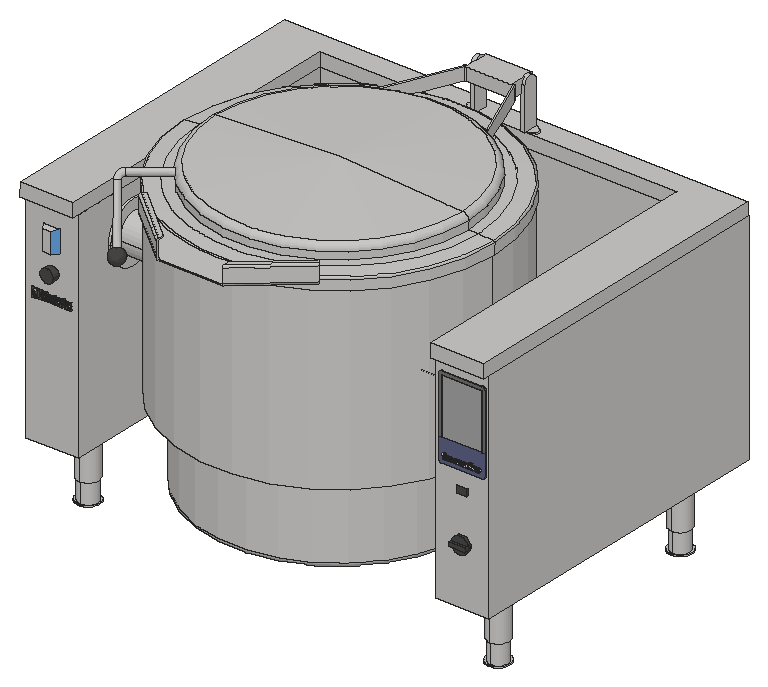
Revit family "QF_ELECTROLUXPROFESSIONAL_587182_PBOT20SDJO", category Attrezzature speciali, Revit 2020
Family settings
  Quota connettore circolare = Usa diametro
  Tipo di parte = Normale
  Basato su piano di lavoro = No
  Sempre verticale = Sì
  Taglio con vuoti quando caricato = No
  Condiviso = No
  Punto di calcolo locali = No
Parameters (values of type "Standard")
  Weight = 360.00 kg
  Watts = 200 W
  Volts = 230 V
  URL Manufacturer = "https://www.electroluxprofessional.com/"
  URL = "https://www.electroluxprofessional.com/"
  Steam Supply Size = 25.4 mm
  Steam Supply Minimum Pressure = 3.28084 Pa
  Steam Supply Maximum Pressure = 4.92126 Pa
  Steam Consumption per Hour = 85
  Refrigeration Suction Line Size = 0.0 mm
  Refrigeration Liquid Line Size = 0.0 mm
  Refrigerant Compressor Remote = yes
  Prospetto di default = 0.0 mm
  Produttore = "Electrolux Professional"
  Phase = 1
  Modello = "PBOT20SDJO"
  Length Actual = 1400.0 mm  # constant formula
  Item Number = "587182"
  Hot Water Size = 12.7 mm
  Height Actual = 700.0 mm  # constant formula
  HP = "0.3 HP"
  Gas Size = 0 mm
  Gas KW = 0
  Gas Input Pressure = 0 W
  Direct Waste Size = 0 mm
  Descrizione = "STEAM (ELEC) BOILING PAN,TILTING,200L,230V,FS,MARINE"
  Depth Actual = 1000.0 mm  # constant formula
  Cycle = 50 Hz
  Condensate Return Size = 25.4 mm
  Compressed Air Volume = 0.0 L/s
  Compressed Air Size = 0 mm
  Compressed Air Pressure = 0.0 Pa
  Cold Water Size = 12.7 mm
  Accessory = yes
Reference planes
  plane 1 "Center (Front/Back)": y = 0
  plane 2: z = 0
  plane 3 "Center (Left/Right)": x = 0
  plane 4 "LEFT": x = -700
  plane 5 "RIGHT": x = 700
  plane 6 "BACK": y = 500
  plane 7 "FRONT": y = -500
  plane 8 "Base": z = 200
  plane 9 "TOP": z = 900
  plane 10: x = -540
  plane 11: x = 540
  plane 12 "Axe_PentolaY": y = -280
  plane 13 "AxePentolaZ": z = 730
  plane 14 "PLANE_TOP": z = 860
  plane 15: y = 430
  plane 16: x = -465
  plane 17 "PentolaH1": z = 970
  plane 18 "PentolaH2": z = 430
  plane 19 "Pentola_H3": z = 160
  plane 20: x = -405
  plane 21: y = -734
  plane 22 "CentroPentolaY": y = -170
  plane 23 "TopCoperchio": z = 1071
  plane 24 "Versamento": z = 1002
  plane 25 "V1": through (-269.804, -566.187, 4000) normal (-0.7071, -0.7071, 0)
  plane 26 "V2": through (187.211, -659.95, 4000) normal (-0.6561, 0.7547, 0)
  plane 27 "Gfront": y = -1400
  plane 28 "LEVEL": through (-433.899, -446.4, 4000) normal (0.6535, 0.7569, 0)
  plane 29 "GRight": x = 250
  plane 30 "GLeft": x = -250
  plane 31: z = 2047
  plane 32 "Ribaltamento": y = -835
  plane 33: x = -620
  plane 34: x = 620
  plane 35 "AttaccoManiglia": z = 1028
  plane 36 "GBack": y = -200
  plane 37: through (0, -170, 4000) normal (0.6157, -0.788, 0)
Forms (mm)
  Revolve 1, solid, material "QF_Finishes_Stainless Steel"
    sketch origin (0, 0, 730) x (-1, 0, 0) y (0, -1, 0)
      loop
        line (540, 280) -> (-540, 280) -> (-540, 190) -> (-530, 190) -> (-530, 222) -> (530, 222) -> (530, 190) -> (540, 190) -> (540, 280)
      axis (540, 280) -> (-540, 280)
    angle from 0 to 360
  Extrusion 2, solid, material "QF_Finishes_Stainless Steel"
    sketch origin (0, 0, 860) x (-1, 0, 0) y (0, -1, 0)
      loop
        line (700, 500) -> (540, 500) -> (540, -430) -> (-540, -430) -> (-540, 500) -> (-700, 500) -> (-700, -500) -> (700, -500) -> (700, 500)
    from 0 to 40
  Extrusion 3, solid, material "QF_Finishes_Stainless Steel"
    sketch origin (0, 0, 860) x (-1, 0, 0) y (0, -1, 0)
      loop
        line (540, -430) -> (-540, -430) -> (-540, -500) -> (540, -500) -> (540, -430)
    from 0 to -360
  Revolve 4, solid, material "QF_Finishes_Stainless Steel"
    sketch origin (0, -170, 0) x (-1, 0, 0) y (0, 0, 1)
      loop
        line (0, 970) -> (0, 160)
        arc (0, 160) -> (194.987, 166.243) -> (389.172, 184.97) r 3042.07
        arc (389.172, 184.97) -> (400.002, 186.598) -> (405, 196.343) r 12
        line (405, 196.343) -> (405, 430) -> (465, 430) -> (465, 970) -> (0, 970)
      axis (0, 970) -> (0, 160)
    angle from 0 to 360
  Revolve 5, solid, material "QF_Finishes_Stainless Steel"
    sketch origin (0, -170, 0) x (-1, 0, 0) y (0, 0, 1)
      loop
        line (470, 970) -> (470, 1000.417)
        arc (470, 1000.417) -> (468.783, 1004.04) -> (465.626, 1006.193) r 6
        line (465.626, 1006.193) -> (421, 1010) -> (390, 1010) -> (390, 1031.999)
        arc (390, 1031.999) -> (384.849, 1045.397) -> (372.049, 1051.894) r 20
        arc (372.049, 1051.894) -> (186.27, 1066.22) -> (0, 1071) r 3631.929
        line (0, 1071) -> (0, 970) -> (470, 970)
      axis (0, 1071) -> (0, 970)
    angle from 0 to 360
  Extrusion 6, solid, material "QF_Finishes_Stainless Steel"
    sketch origin (0, 0, 1002) x (-1, 0, 0) y (0, -1, 0)
      loop
        line (91.591, 734) -> (-92.97, 734) -> (-268.11, 581.753) -> (-253.963, 565.478)
        arc (-253.963, 565.478) -> (0.647, 640) -> (255.051, 564.777) r 470
        line (255.051, 564.777) -> (268.273, 581.464) -> (91.591, 734)
    from 0 to 3
  Sweep 7, solid, material "QF_Finishes_Stainless Steel"
    path origin (0, 0, 1002) x (-1, 0, 0) y (0, -1, 0)
      loop
        line (-83.331, 750.252) -> (-272.008, 586.237)
    profile origin (177.669, -668.244, 1002) x (-0.656059, 0.75471, 0) y (0, 0, 1)
      loop
        arc (0, 6) -> (1.757, 1.757) -> (6, 0) r 6
        line (6, 0) -> (19, 0) -> (19, 3) -> (6, 3)
        arc (6, 3) -> (3.879, 3.879) -> (3, 6) r 3
        line (3, 6) -> (3, 50)
        arc (3, 50) -> (3.879, 52.121) -> (6, 53) r 3
        line (6, 53) -> (19, 53) -> (19, 56) -> (6, 56)
        arc (6, 56) -> (1.757, 54.243) -> (0, 50) r 6
        line (0, 50) -> (0, 6)
  Extrusion 8, solid, material "QF_Finishes_Stainless Steel"
    sketch origin (0, 0, 0) x (0, 1, 0) y (0, 0, 1)
      loop
        line (470, 900) -> (470, 1026.813)
        arc (470, 1026.813) -> (450, 1046.813) -> (430, 1026.813) r 20
        line (430, 1026.813) -> (430, 900) -> (470, 900)
    from -70 to -82
  Extrusion 9, solid, material "QF_Finishes_Stainless Steel"
    sketch origin (0, 0, 900) x (0, 1, 0) y (-1, 0, 0)
      loop
        arc (391.221, 74.165) -> (393.445, 72.322) -> (394.279, 69.557) r 5
        line (394.279, 69.557) -> (394.279, -69.557)
        arc (394.279, -69.557) -> (393.445, -72.322) -> (391.221, -74.165) r 5
        line (391.221, -74.165) -> (185.222, -160.989) -> (181.486, -168.991) -> (394.012, -78.4)
        arc (394.012, -78.4) -> (397.863, -74.931) -> (399.459, -70) r 10
        line (399.459, -70) -> (470, -70) -> (470, 70) -> (399.459, 70)
        arc (399.459, 70) -> (397.863, 74.931) -> (394.012, 78.4) r 10
        line (394.012, 78.4) -> (182.094, 167.719) -> (184.906, 161.122) -> (391.221, 74.165)
    from 102 to 141.895
  Extrusion 10, solid, material "QF_Finishes_Stainless Steel"
    sketch origin (0, 0, 0) x (0, 1, 0) y (0, 0, 1)
      loop
        line (470, 900) -> (470, 1026.813)
        arc (470, 1026.813) -> (450, 1046.813) -> (430, 1026.813) r 20
        line (430, 1026.813) -> (430, 900) -> (470, 900)
    from 70 to 82
  Extrusion 11, solid, material "QF_Finishes_Stainless Steel"
    sketch origin (0, 0, 900) x (0, 1, 0) y (-1, 0, 0)
      loop
        arc (441.973, -103.927) -> (450, -108.689) -> (458.027, -103.927) r 9.146
        line (458.027, -103.927) -> (470, -82) -> (430, -82) -> (441.973, -103.927)
      loop
        line (441.973, 103.927) -> (430, 82) -> (470, 82) -> (458.027, 103.927)
        arc (458.027, 103.927) -> (450, 108.689) -> (441.973, 103.927) r 9.146
    from 0 to 3
  Extrusion 12, solid, material "QF_Door-Drawer Clearances", detail levels coarse
    sketch origin (0, 0, 0) x (0, 1, 0) y (0, 0, 1)
      loop
        line (-734, 1008) -> (-734, 1058)
        arc (-734, 1058) -> (-830.288, 669.084) -> (-635, 319.241) r 545.673
        line (-635, 319.241) -> (-635, 970) -> (-640, 970) -> (-640, 1002) -> (-729.757, 1002)
        spline (-729.757, 1002) -> (-730.311, 1002.051) -> (-730.855, 1002.204) -> (-731.381, 1002.457) -> (-731.879, 1002.804) -> (-732.34, 1003.24) -> (-732.757, 1003.757) -> (-733.123, 1004.347) -> (-733.432, 1005) -> (-733.677, 1005.704) -> (-733.855, 1006.447) -> (-733.964, 1007.217) -> (-734, 1008)
    from -100 to 100
  Extrusion 13, void
    sketch origin (0, 0, 1002) x (-1, 0, 0) y (0, -1, 0)
      loop
        line (-100, 734) -> (100, 734) -> (100, 751.601) -> (-100, 751.601) -> (-100, 734)
    from 0 to 71
  Extrusion 14, solid, material "QF_Door-Drawer Clearances", detail levels coarse
    sketch origin (0, 0, 0) x (0, 1, 0) y (0, 0, 1)
      loop
        line (470, 1026.813) -> (470, 1056.062) -> (390.735, 1353.963)
        arc (390.735, 1353.963) -> (344.187, 1589.928) -> (267.311, 1817.823) r 1843.263
        line (267.311, 1817.823) -> (206.507, 2046.341)
        arc (206.507, 2046.341) -> (-460.593, 1748.224) -> (-734, 1070.62) r 976.38
        line (-734, 1070.62) -> (-734, 1056.062) -> (-450, 1056.062)
        arc (-450, 1056.062) -> (-169.5, 1072.082) -> (111, 1056.062) r 2463.707
        line (111, 1056.062) -> (220, 1056.062) -> (220, 1012.644) -> (430, 1012.644) -> (430, 1026.813)
        arc (430, 1026.813) -> (450, 1046.813) -> (470, 1026.813) r 20
    from -100 to 100
  Sweep 15, solid, material "QF_Finishes_Stainless Steel"
    path origin (0, 0, 1002) x (1, 0, 0) y (0, -1, 0)
      loop
        line (-83.331, 750.252) -> (-272.008, 586.237)
    profile origin (-177.669, -668.244, 1002) x (-0.656059, -0.75471, 0) y (0, 0, 1)
      loop
        line (0, 6) -> (0, 50)
        arc (0, 50) -> (-1.757, 54.243) -> (-6, 56) r 6
        line (-6, 56) -> (-19, 56) -> (-19, 53) -> (-6, 53)
        arc (-6, 53) -> (-3.879, 52.121) -> (-3, 50) r 3
        line (-3, 50) -> (-3, 6)
        arc (-3, 6) -> (-3.879, 3.879) -> (-6, 3) r 3
        line (-6, 3) -> (-19, 3) -> (-19, 0) -> (-6, 0)
        arc (-6, 0) -> (-1.757, 1.757) -> (0, 6) r 6
  Extrusion 16, void
    sketch origin (0, 0, 1002) x (-1, 0, 0) y (0, -1, 0)
      loop
        line (100, 710.586) -> (100, 733.997) -> (-100, 733.997) -> (-100, 710.586) -> (100, 710.586)
    from 0 to 56
Cuts and joins
  Extrusion 13 cuts Extrusion 6
  Extrusion 13, Extrusion 16 cuts Sweep 7
  Extrusion 13, Extrusion 16 cuts Sweep 15
  joined: Extrusion 6, Sweep 7, Sweep 15
  Extrusion 13 cuts Extrusion 12
Lines and regions (mm)
  symbolic lines
    curve 1: line (700, 500, 900) -> (-700, 500, 900)
    curve 2: line (700, -500, 900) -> (700, 500, 900)
    curve 3: line (-700, 500, 900) -> (-700, -500, 900)
    curve 4: line (-700, -500, 900) -> (-540, -500, 900)
    curve 5: line (-540, -500, 900) -> (-540, 430, 900)
    curve 6: line (540, 430, 900) -> (540, -500, 900)
    curve 7: line (540, -500, 900) -> (700, -500, 900)
    curve 8: line (-530, -190, 900) -> (-530, -370, 900)
    curve 9: line (-530, -190, 900) -> (-540, -190, 900)
    curve 10: line (-530, -370, 900) -> (-540, -370, 900)
    curve 11: line (530, -190, 900) -> (540, -190, 900)
    curve 12: line (530, -370, 900) -> (540, -370, 900)
    curve 13: line (-70, 399.459, 900) -> (-70, 470, 900)
    curve 14: line (-82, 470, 900) -> (82, 470, 900)
    curve 15: line (70, 470, 900) -> (70, 399.459, 900)
    curve 16: line (272.008, -586.237, 900) -> (102.026, -734, 900)
    curve 17: line (-103.927, 441.973, 900) -> (-82, 430, 900)
    curve 18: arc (-103.927, 458.027, 900) -> (-108.689, 450, 900) -> (-103.927, 441.973, 900) r 9.146
    curve 19: line (-82, 470, 900) -> (-103.927, 458.027, 900)
    curve 20: line (-82, 470, 900) -> (-82, 430, 900)
    curve 21: line (82, 430, 900) -> (82, 470, 900)
    curve 22: line (103.927, 458.027, 900) -> (82, 470, 900)
    curve 23: arc (103.927, 441.973, 900) -> (108.689, 450, 900) -> (103.927, 458.027, 900) r 9.146
    curve 24: line (82, 430, 900) -> (103.927, 441.973, 900)
    curve 29: line (-540, 430, 900) -> (-70, 430, 900)
    curve 30: line (540, 430, 900) -> (70, 430, 900)
    curve 31: line (-530, -222, 900) -> (-467.115, -222, 900)
    curve 32: line (-530, -338, 900) -> (-438.949, -338, 900)
    curve 33: line (530, -222, 900) -> (466.676, -222, 900)
    curve 53: line (530, -338, 900) -> (439.209, -338, 900)
    curve 55: line (530, -370, 1002) -> (530, -190, 1002)
    curve 56: circle (0, -170, 1002) r 427.847 normal (0, 0, 1)
    curve 57: arc (-70, 399.459, 1002) -> (-74.931, 397.863, 1002) -> (-78.4, 394.012, 1002) r 10
    curve 58: arc (-74.165, 391.221, 1002) -> (-72.322, 393.445, 1002) -> (-69.557, 394.279, 1002) r 5
    curve 59: arc (69.557, 394.279, 1002) -> (72.322, 393.445, 1002) -> (74.165, 391.221, 1002) r 5
    curve 60: arc (78.4, 394.012, 1002) -> (74.931, 397.863, 1002) -> (70, 399.459, 1002) r 10
    curve 61: line (-69.557, 394.279, 1002) -> (69.557, 394.279, 1002)
    curve 62: line (-160.989, 185.222, 1002) -> (-74.165, 391.221, 1002)
    curve 63: line (-78.4, 394.012, 1002) -> (-167.719, 182.094, 1002)
    curve 64: line (74.165, 391.221, 1002) -> (160.989, 185.222, 1002)
    curve 65: line (168.991, 181.486, 1002) -> (78.4, 394.012, 1002)
    curve 66: arc (470, -170, 1002) -> (0, 300, 1002) -> (-470, -170, 1002) r 470
    curve 67: circle (0, -170, 1002) r 390 normal (0, 0, 1)
    curve 68: arc (-470, -170, 1002) -> (-445.318, -320.307, 1002) -> (-373.864, -454.826, 1002) r 470
    curve 69: line (-255.051, -564.777, 1002) -> (-272.008, -586.237, 1002)
    curve 70: line (272.008, -586.237, 1002) -> (253.963, -565.478, 1002)
    curve 71: line (-272.008, -586.237, 1002) -> (-100, -734.738, 1002)
    curve 72: line (-260.216, -571.313, 1002) -> (-100, -710.586, 1002)
    curve 73: line (259.543, -571.897, 1002) -> (100, -710.586, 1002)
    curve 74: line (-100, -710.586, 1002) -> (-100, -734.738, 1002)
    curve 75: line (100, -710.586, 1002) -> (100, -733.997, 1002)
    curve 76: arc (-362.785, -468.809, 1002) -> (158.731, -612.385, 1002) -> (470, -170, 1002) r 470
  symbolic lines, style "SpecialityEquipmentHiddenLines"
    curve 25: line (-250, -1400, 900) -> (250, -1400, 900)
    curve 26: line (-250, -200, 900) -> (-250, -1400, 900)
    curve 27: line (250, -1400, 900) -> (250, -200, 900)
    curve 50: line (0, -1265.484, 900) -> (0, -1235.484, 900)
    curve 51: line (-15, -1250.484, 900) -> (15, -1250.484, 900)
    curve 54: line (250, -200, 1002) -> (-250, -200, 1002)
  symbolic lines, style "SpecialityEquipment"
    curve 28: circle (0, -1250.484, 900) r 15 normal (0, 0, 1)
    curve 34: line (210, -1400, 900) -> (210, -1200, 900)
    curve 35: line (170, -1400, 900) -> (170, -1240, 900)
    curve 36: line (130, -1400, 900) -> (130, -1280, 900)
    curve 37: line (90, -1400, 900) -> (90, -1320, 900)
    curve 38: line (90, -1360, 900) -> (250, -1360, 900)
    curve 39: line (130, -1320, 900) -> (250, -1320, 900)
    curve 40: line (170, -1280, 900) -> (250, -1280, 900)
    curve 41: line (210, -1240, 900) -> (250, -1240, 900)
    curve 42: line (-210, -1400, 900) -> (-210, -1200, 900)
    curve 43: line (-170, -1400, 900) -> (-170, -1240, 900)
    curve 44: line (-130, -1400, 900) -> (-130, -1280, 900)
    curve 45: line (-90, -1400, 900) -> (-90, -1320, 900)
    curve 46: line (-90, -1360, 900) -> (-250, -1360, 900)
    curve 47: line (-130, -1320, 900) -> (-250, -1320, 900)
    curve 48: line (-170, -1280, 900) -> (-250, -1280, 900)
    curve 49: line (-210, -1240, 900) -> (-250, -1240, 900)
    curve 52: line (-100.772, -734, 900) -> (102.026, -734, 900)
Dimensions and locks
  plane 4 "LEFT" to plane 5 "RIGHT" = 1400.0 mm
  equal spacing: plane 4 "LEFT", plane 3 "Center (Left/Right)", plane 5 "RIGHT"
  equal spacing: plane 6 "BACK", plane 1 "Center (Front/Back)", plane 7 "FRONT"
  plane 6 "BACK" to plane 7 "FRONT" = 1000.0 mm
  plane 8 "Base" to level = 200.0 mm
  plane 9 "TOP" to level = 900.0 mm
  plane 9 "TOP" to plane 8 "Base" = 700.0 mm
  locked: plane 4 "LEFT" to plane 10 at 160
  locked: plane 11 to plane 5 "RIGHT" at 160
  locked: plane 6 "BACK" to plane 12 "Axe_PentolaY" at 780
  locked: plane 13 "AxePentolaZ" to plane 8 "Base" at 530
  locked: Revolve 1 sketch curve to Revolve 1 sketch curve at 58
  locked: Revolve 1 sketch curve to Revolve 1 sketch curve at 90
  locked: plane 10 to Revolve 1 sketch curve at 10
  locked: Revolve 1 sketch curve to plane 11 at 10
  locked: plane 9 "TOP" to plane 14 "PLANE_TOP" at 40
  plane 6 "BACK" to plane 15 = 70.0 mm
  locked: plane 17 "PentolaH1" to plane 13 "AxePentolaZ" at 240
  locked: plane 13 "AxePentolaZ" to plane 18 "PentolaH2" at 300
  locked: plane 18 "PentolaH2" to plane 19 "Pentola_H3" at 270
  locked: plane 3 "Center (Left/Right)" to plane 16 at 465
  locked: plane 3 "Center (Left/Right)" to plane 20 at 405
  Revolve 5 sketch curve to plane 17 "PentolaH1" = 40.0 mm
  locked: plane 16 to Revolve 5 sketch curve at 5
  plane 6 "BACK" to plane 21 = 1234.0 mm
  locked: plane 6 "BACK" to plane 22 "CentroPentolaY" at 670
  locked: plane 23 "TopCoperchio" to plane 9 "TOP" at 171
  locked: plane 24 "Versamento" to level at 1002
  plane 6 "BACK" to plane 27 "Gfront" = 1900.0 mm
  locked: plane 30 "GLeft" to plane 3 "Center (Left/Right)" at 250
  locked: plane 3 "Center (Left/Right)" to plane 29 "GRight" at 250
  plane 31 to plane 9 "TOP" = 1147.0 mm
  plane 6 "BACK" to plane 32 "Ribaltamento" = 1335.0 mm
  equal spacing: plane 10, plane 33, plane 4 "LEFT"
  equal spacing: plane 5 "RIGHT", plane 34, plane 11
  locked: plane 35 "AttaccoManiglia" to level at 1028
  plane 6 "BACK" to plane 36 "GBack" = 700.0 mm
  aligned and locked: level to plane 2
  aligned and locked: plane 5 "RIGHT" to nested 2
  aligned and locked: plane 4 "LEFT" to nested 1
  aligned and locked: plane 8 "Base" to nested 1
  aligned and locked: plane 8 "Base" to nested 2
  aligned and locked: plane 6 "BACK" to nested 2
  aligned and locked: plane 6 "BACK" to nested 1
  aligned and locked: plane 10 to Revolve 1 sketch curve
  aligned and locked: plane 11 to Revolve 1 sketch curve
  aligned and locked: plane 4 "LEFT" to Extrusion 2 sketch curve
  aligned and locked: Extrusion 2 sketch curve to plane 10
  aligned and locked: plane 7 "FRONT" to Extrusion 2 sketch curve  (x2)
  aligned and locked: Extrusion 2 sketch curve to plane 5 "RIGHT"
  aligned and locked: plane 11 to Extrusion 2 sketch curve
  aligned and locked: Extrusion 2 sketch curve to plane 6 "BACK"
  aligned and locked: plane 15 to Extrusion 2 sketch curve
  aligned and locked: Extrusion 3 sketch curve to plane 10
  aligned and locked: plane 6 "BACK" to Extrusion 3 sketch curve
  aligned and locked: plane 11 to Extrusion 3 sketch curve
  aligned and locked: Extrusion 3 sketch curve to plane 15
  aligned and locked: plane 3 "Center (Left/Right)" to Revolve 4 sketch curve
  aligned and locked: Revolve 4 sketch curve to plane 20
  aligned and locked: Revolve 4 sketch curve to plane 18 "PentolaH2"
  aligned and locked: Revolve 4 sketch curve to plane 16
  aligned and locked: plane 17 "PentolaH1" to Revolve 4 sketch curve
  aligned and locked: Revolve 5 sketch curve to plane 17 "PentolaH1"
  aligned and locked: Extrusion 8 sketch curve to plane 15
  aligned and locked: Extrusion 8 sketch curve to Extrusion 2
  aligned and locked: curve 25 to plane 27 "Gfront"
  aligned and locked: curve 26 to plane 30 "GLeft"
  aligned and locked: plane 29 "GRight" to curve 27
  aligned and locked: plane 33 to nested 3
  aligned and locked: plane 34 to nested 4
  aligned and locked: plane 36 "GBack" to curve 54
Automatic sketch dimensions
  plane 12 "Axe_PentolaY" to Revolve 1 sketch curve = 0.0 mm
  Revolve 1 sketch curve to plane 12 "Axe_PentolaY" = 0.0 mm
  plane 36 "GBack" to Revolve 1 sketch curve = 10.0 mm
  plane 5 "RIGHT" to Revolve 1 sketch curve = 432.098 mm
  Revolve 1 sketch curve to plane 4 "LEFT" = 580.148 mm
  Revolve 4 sketch curve to plane 3 "Center (Left/Right)" = 0.0 mm
  Revolve 4 sketch curve to plane 19 "Pentola_H3" = 0.0 mm
  Revolve 4 sketch curve to plane 3 "Center (Left/Right)" = 0.201 mm
  Revolve 4 sketch curve to plane 8 "Base" = 3.657 mm
  Revolve 4 sketch curve to Revolve 4 sketch curve = 12.0 mm
  plane 31 to Revolve 4 sketch curve = 1155.07 mm
  level to Revolve 4 sketch curve = 60.0 mm
  plane 23 "TopCoperchio" to Revolve 4 sketch curve = 179.0 mm
  Extrusion 6 sketch curve to plane 21 = 0.0 mm
  Extrusion 6 sketch curve to plane 3 "Center (Left/Right)" = 0.0 mm
  plane 28 "LEVEL" to Extrusion 6 sketch curve = 6.0 mm  (x2)
  Extrusion 6 sketch curve to plane 22 "CentroPentolaY" = 0.0 mm
  plane 3 "Center (Left/Right)" to Extrusion 6 sketch curve = 92.97 mm
  plane 29 "GRight" to Extrusion 6 sketch curve = 3.963 mm
  plane 29 "GRight" to Extrusion 6 sketch curve = 18.11 mm
  Extrusion 6 sketch curve to plane 30 "GLeft" = 5.051 mm
  Extrusion 6 sketch curve to plane 30 "GLeft" = 18.273 mm
  Extrusion 6 sketch curve to Extrusion 6 sketch curve = 16.687 mm
  Sweep 7 sketch curve to plane 26 "V2" = 0.0 mm  (x2)
  plane 29 "GRight" to Sweep 7 sketch curve = 22.008 mm
  Sweep 7 sketch curve to plane 21 = 16.252 mm
  Sweep 7 sketch curve to Sweep 7 sketch curve = 0.0 mm  (x4)
  Sweep 7 sketch curve to profile plane = 0.0 mm
  plane 24 "Versamento" to Sweep 7 sketch curve = 0.0 mm
  Sweep 7 sketch curve to Sweep 7 sketch curve = 3.0 mm  (x2)
  Sweep 7 sketch curve to profile plane = 6.0 mm
  Sweep 7 sketch curve to Sweep 7 sketch curve = 13.0 mm  (x2)
  Sweep 7 sketch curve to Sweep 7 sketch curve = 44.0 mm
  Extrusion 8 sketch curve to plane 35 "AttaccoManiglia" = 1.187 mm
  Extrusion 8 sketch curve to Extrusion 8 sketch curve = 20.0 mm
  Extrusion 10 sketch curve to plane 9 "TOP" = 0.0 mm
  Extrusion 10 sketch curve to plane 15 = 0.0 mm
  Extrusion 10 sketch curve to plane 35 "AttaccoManiglia" = 1.187 mm
  Extrusion 10 sketch curve to Extrusion 10 sketch curve = 20.0 mm
  Extrusion 11 sketch curve to plane 15 = 0.0 mm  (x2)
  plane 15 to Extrusion 11 sketch curve = 11.973 mm  (x2)
  Extrusion 11 sketch curve to Extrusion 11 sketch curve = 8.027 mm  (x4)
  Extrusion 11 sketch curve to Extrusion 11 sketch curve = 11.973 mm  (x2)
  plane 3 "Center (Left/Right)" to Extrusion 11 sketch curve = 103.927 mm
  Extrusion 11 sketch curve to Extrusion 11 sketch curve = 4.383 mm  (x2)
  Extrusion 11 sketch curve to Extrusion 11 sketch curve = 21.927 mm
  Extrusion 11 sketch curve to plane 3 "Center (Left/Right)" = 82.0 mm
  Extrusion 11 sketch curve to Extrusion 11 sketch curve = 17.543 mm
  Extrusion 13 sketch curve to plane 21 = 0.0 mm
  plane 26 "V2" to Extrusion 13 sketch curve = 132.541 mm
  Extrusion 13 sketch curve to plane 25 "V1" = 142.829 mm
  Extrusion 13 sketch curve to plane 21 = 17.601 mm
  plane 30 "GLeft" to Sweep 15 sketch curve = 22.008 mm
  plane 7 "FRONT" to Sweep 15 sketch curve = 86.237 mm
  plane 21 to Sweep 15 sketch curve = 16.252 mm
  plane 3 "Center (Left/Right)" to Sweep 15 sketch curve = 83.331 mm
  Sweep 15 sketch curve to Sweep 15 sketch curve = 0.0 mm  (x4)
  plane 24 "Versamento" to Sweep 15 sketch curve = 0.0 mm
  Sweep 15 sketch curve to profile plane = 0.0 mm
  profile plane to Sweep 15 sketch curve = 3.0 mm
  Sweep 15 sketch curve to Sweep 15 sketch curve = 3.0 mm  (x2)
  Sweep 15 sketch curve to Sweep 15 sketch curve = 13.0 mm  (x2)
  Sweep 15 sketch curve to Sweep 15 sketch curve = 44.0 mm
  Revolve 5 sketch curve to plane 3 "Center (Left/Right)" = 0.0 mm  (x2)
  Revolve 5 sketch curve to plane 23 "TopCoperchio" = 0.0 mm
  plane 35 "AttaccoManiglia" to Revolve 5 sketch curve = 3.999 mm
  plane 20 to Revolve 5 sketch curve = 35.0 mm
  plane 20 to Revolve 5 sketch curve = 15.0 mm
  Revolve 5 sketch curve to plane 20 = 16.0 mm
  plane 16 to Revolve 5 sketch curve = 1.0 mm
  Revolve 5 sketch curve to plane 16 = 0.626 mm
  Revolve 5 sketch curve to level = 2560.929 mm
  Revolve 5 sketch curve to plane 24 "Versamento" = 1.583 mm
  Revolve 5 sketch curve to plane 18 "PentolaH2" = 95.0 mm
  Revolve 5 sketch curve to Revolve 5 sketch curve = 179.0 mm
  plane 30 "GLeft" to Extrusion 9 sketch curve = 82.281 mm
  Extrusion 9 sketch curve to plane 1 "Center (Front/Back)" = 182.094 mm
  plane 30 "GLeft" to Extrusion 9 sketch curve = 88.878 mm
  Extrusion 9 sketch curve to Extrusion 9 sketch curve = 2.812 mm
  Extrusion 9 sketch curve to plane 15 = 40.721 mm  (x2)
  Extrusion 9 sketch curve to Extrusion 9 sketch curve = 0.194 mm  (x2)
  Extrusion 9 sketch curve to Extrusion 9 sketch curve = 1.748 mm  (x2)
  Extrusion 9 sketch curve to Extrusion 9 sketch curve = 2.792 mm  (x2)
  Extrusion 9 sketch curve to Extrusion 9 sketch curve = 4.806 mm
  Extrusion 9 sketch curve to Extrusion 9 sketch curve = 5.181 mm  (x2)
  Extrusion 9 sketch curve to plane 6 "BACK" = 30.0 mm
  Extrusion 9 sketch curve to plane 3 "Center (Left/Right)" = 78.4 mm
  Extrusion 9 sketch curve to Extrusion 9 sketch curve = 4.235 mm
  Extrusion 9 sketch curve to plane 3 "Center (Left/Right)" = 70.0 mm
  plane 3 "Center (Left/Right)" to Extrusion 9 sketch curve = 69.49 mm
  Extrusion 9 sketch curve to Extrusion 9 sketch curve = 0.067 mm
  plane 3 "Center (Left/Right)" to Extrusion 9 sketch curve = 70.0 mm
  Extrusion 9 sketch curve to plane 1 "Center (Front/Back)" = 181.486 mm
  Extrusion 9 sketch curve to plane 29 "GRight" = 81.009 mm
  Extrusion 9 sketch curve to Extrusion 9 sketch curve = 3.736 mm
  Extrusion 9 sketch curve to plane 29 "GRight" = 89.011 mm
  Extrusion 12 sketch curve to plane 21 = 0.0 mm
  Extrusion 12 sketch curve to plane 24 "Versamento" = 0.0 mm
  Extrusion 12 sketch curve to plane 17 "PentolaH1" = 0.0 mm
  plane 21 to Extrusion 12 sketch curve = 4.243 mm
  plane 21 to Extrusion 12 sketch curve = 94.0 mm
  Extrusion 12 sketch curve to Extrusion 12 sketch curve = 5.0 mm
  Extrusion 12 sketch curve to plane 12 "Axe_PentolaY" = 9.45 mm
  plane 13 "AxePentolaZ" to Extrusion 12 sketch curve = 11.561 mm
  plane 24 "Versamento" to Extrusion 12 sketch curve = 6.0 mm
  plane 8 "Base" to Extrusion 12 sketch curve = 119.241 mm
  Extrusion 14 sketch curve to plane 21 = 0.0 mm
  Extrusion 14 sketch curve to plane 15 = 0.0 mm
  Extrusion 14 sketch curve to plane 27 "Gfront" = 37.099 mm
  Extrusion 14 sketch curve to plane 23 "TopCoperchio" = 14.938 mm  (x3)
  plane 7 "FRONT" to Extrusion 14 sketch curve = 50.0 mm
  plane 22 "CentroPentolaY" to Extrusion 14 sketch curve = 0.5 mm
  Extrusion 14 sketch curve to plane 31 = 0.659 mm
  Extrusion 14 sketch curve to plane 23 "TopCoperchio" = 0.38 mm
  Extrusion 14 sketch curve to Extrusion 14 sketch curve = 22.38 mm
  Extrusion 14 sketch curve to plane 35 "AttaccoManiglia" = 1.187 mm
  Extrusion 14 sketch curve to Extrusion 14 sketch curve = 20.0 mm
  plane 24 "Versamento" to Extrusion 14 sketch curve = 10.644 mm
  Extrusion 14 sketch curve to level = 1391.625 mm
  plane 23 "TopCoperchio" to Extrusion 14 sketch curve = 44.965 mm
  Extrusion 14 sketch curve to plane 15 = 162.689 mm
  Extrusion 14 sketch curve to plane 15 = 39.265 mm
  Extrusion 14 sketch curve to plane 1 "Center (Front/Back)" = 206.507 mm
  plane 23 "TopCoperchio" to Extrusion 14 sketch curve = 282.963 mm
  curve 56 to curve 67 = 0.0 mm
  curve 56 to curve 68 = 0.0 mm
  curve 66 to curve 67 = 0.0 mm
  curve 67 to curve 68 = 0.0 mm
  curve 66 to plane 22 "CentroPentolaY" = 0.0 mm
  curve 70 to plane 26 "V2" = 0.0 mm
  curve 54 to plane 29 "GRight" = 0.0 mm
  curve 56 to plane 3 "Center (Left/Right)" = 0.0 mm
  curve 54 to plane 30 "GLeft" = 0.0 mm
  curve 65 to plane 15 = 35.988 mm
  plane 3 "Center (Left/Right)" to curve 65 = 78.4 mm
  curve 60 to curve 64 = 4.235 mm
  curve 59 to curve 59 = 4.607 mm
  curve 59 to curve 60 = 0.067 mm
  curve 57 to plane 3 "Center (Left/Right)" = 69.49 mm
  curve 57 to curve 61 = 0.067 mm
  curve 62 to plane 15 = 38.779 mm
  curve 57 to curve 62 = 4.675 mm
  curve 63 to plane 15 = 35.988 mm
  curve 62 to curve 63 = 4.235 mm
  plane 21 to curve 72 = 23.414 mm
  curve 72 to plane 3 "Center (Left/Right)" = 100.0 mm
  curve 69 to plane 30 "GLeft" = 22.008 mm
  curve 61 to curve 62 = 3.058 mm
  curve 60 to curve 64 = 2.792 mm
  curve 57 to curve 58 = 0.194 mm
  curve 60 to curve 59 = 0.194 mm
  curve 71 to plane 7 "FRONT" = 86.237 mm
  curve 74 to plane 21 = 0.738 mm
  plane 29 "GRight" to curve 70 = 3.963 mm
  curve 73 to curve 70 = 5.58 mm
  curve 70 to curve 73 = 12.465 mm
  curve 55 to plane 11 = 10.0 mm
  curve 65 to plane 29 "GRight" = 81.009 mm
  curve 65 to curve 64 = 8.002 mm
  plane 21 to curve 75 = 0.003 mm
  plane 3 "Center (Left/Right)" to curve 75 = 100.0 mm
  plane 21 to curve 73 = 23.414 mm
  curve 60 to curve 61 = 0.443 mm
  curve 61 to curve 57 = 0.443 mm
  plane 30 "GLeft" to curve 62 = 89.011 mm
  curve 62 to curve 63 = 6.73 mm
  curve 69 to plane 30 "GLeft" = 5.051 mm
  curve 69 to curve 72 = 5.164 mm
  curve 64 to plane 1 "Center (Front/Back)" = 185.222 mm
  plane 36 "GBack" to curve 55 = 10.0 mm
  curve 55 to plane 12 "Axe_PentolaY" = 90.0 mm
  plane 21 to Extrusion 16 sketch curve = 23.414 mm
  plane 3 "Center (Left/Right)" to Extrusion 16 sketch curve = 100.0 mm
  plane 21 to Extrusion 16 sketch curve = 0.003 mm
  Extrusion 16 sketch curve to plane 3 "Center (Left/Right)" = 100.0 mm
  curve 56 to curve 66 = 0.0 mm
  curve 56 to curve 76 = 0.0 mm
  plane 7 "FRONT" to curve 76 = 31.191 mm
  curve 76 to curve 68 = 11.079 mm
  curve 50 to plane 3 "Center (Left/Right)" = 0.0 mm
  curve 28 to plane 3 "Center (Left/Right)" = 0.0 mm
  curve 52 to plane 21 = 0.0 mm
  curve 16 to plane 26 "V2" = 0.0 mm
  curve 6 to plane 7 "FRONT" = 0.0 mm
  curve 4 to plane 4 "LEFT" = 0.0 mm
  curve 4 to plane 7 "FRONT" = 0.0 mm
  curve 10 to plane 10 = 0.0 mm
  curve 12 to plane 11 = 0.0 mm
  curve 27 to plane 36 "GBack" = 0.0 mm
  curve 26 to plane 36 "GBack" = 0.0 mm
  curve 6 to plane 15 = 0.0 mm
  curve 29 to plane 15 = 0.0 mm
  curve 2 to plane 5 "RIGHT" = 0.0 mm
  curve 2 to plane 6 "BACK" = 0.0 mm
  curve 52 to plane 26 "V2" = 0.0 mm
  plane 28 "LEVEL" to curve 52 = 0.0 mm
  plane 27 "Gfront" to curve 28 = 149.516 mm
  plane 10 to curve 10 = 10.0 mm
  curve 10 to plane 12 "Axe_PentolaY" = 90.0 mm
  plane 36 "GBack" to curve 9 = 10.0 mm
  plane 15 to curve 24 = 11.973 mm
  plane 15 to curve 17 = 11.973 mm
  curve 23 to curve 23 = 8.027 mm
  curve 18 to curve 18 = 8.027 mm
  curve 23 to curve 22 = 8.027 mm
  curve 18 to curve 19 = 8.027 mm
  curve 22 to curve 14 = 11.973 mm
  plane 3 "Center (Left/Right)" to curve 24 = 103.927 mm
  curve 22 to curve 23 = 4.383 mm
  curve 22 to curve 22 = 21.927 mm
  curve 14 to plane 3 "Center (Left/Right)" = 82.0 mm
  curve 14 to curve 18 = 17.543 mm
  curve 18 to curve 19 = 4.383 mm
  curve 25 to curve 46 = 40.0 mm
  curve 25 to curve 38 = 40.0 mm
  curve 38 to curve 39 = 40.0 mm
  curve 46 to curve 45 = 40.0 mm
  curve 47 to curve 45 = 0.0 mm
  curve 37 to curve 39 = 0.0 mm
  curve 47 to curve 48 = 40.0 mm
  curve 39 to curve 40 = 40.0 mm
  curve 36 to curve 40 = 0.0 mm
  curve 48 to curve 44 = 0.0 mm
  curve 50 to curve 28 = 15.0 mm
  curve 28 to curve 51 = 0.0 mm
  curve 40 to curve 41 = 40.0 mm
  curve 48 to curve 49 = 40.0 mm
  curve 49 to curve 43 = 0.0 mm
  curve 35 to curve 41 = 0.0 mm
  curve 41 to curve 34 = 40.0 mm
  curve 49 to curve 42 = 40.0 mm
  plane 29 "GRight" to curve 16 = 22.008 mm
  curve 12 to plane 11 = 10.0 mm
  curve 12 to plane 12 "Axe_PentolaY" = 90.0 mm
  curve 53 to plane 11 = 10.0 mm
  curve 12 to curve 53 = 32.0 mm
  plane 16 to curve 32 = 26.051 mm
  curve 32 to plane 12 "Axe_PentolaY" = 58.0 mm
  curve 31 to plane 36 "GBack" = 22.0 mm
  curve 33 to plane 36 "GBack" = 22.0 mm
  plane 36 "GBack" to curve 11 = 10.0 mm
  curve 15 to plane 15 = 30.541 mm
  curve 13 to plane 15 = 30.541 mm
  curve 11 to plane 11 = 10.0 mm
  curve 33 to plane 11 = 10.0 mm
  curve 33 to curve 33 = 63.324 mm
  curve 53 to curve 53 = 90.791 mm
  curve 34 to plane 29 "GRight" = 40.0 mm
  curve 41 to curve 40 = 40.0 mm
  curve 40 to curve 39 = 40.0 mm
  curve 36 to curve 38 = 40.0 mm
  curve 21 to curve 30 = 12.0 mm
  curve 13 to curve 17 = 12.0 mm
  curve 45 to plane 3 "Center (Left/Right)" = 90.0 mm
  curve 45 to curve 44 = 40.0 mm
  curve 44 to curve 48 = 40.0 mm
  curve 43 to curve 49 = 40.0 mm
  curve 31 to plane 16 = 2.115 mm
  radius of curve 56 = 427.847 mm
Nested families
  nested 1: "QF_ELECTROLUXPROFESSIONAL_PBOTS1000_LEFT" at (-620, 0, 0), type "QF_ELECTROLUXPROFESSIONAL_PBOTS1000_LEFT"
    with Body Finish QF_Finishes_Stainless Steel
  nested 2: "QF_ELECTROLUXPROFESSIONAL_PBOTS1000_RIGHT" at (620, 0, 0), type "QF_ELECTROLUXPROFESSIONAL_PBOTS1000_RIGHT"
    with Body Finish QF_Finishes_Stainless Steel
  nested 3: "QF_ELECTROLUXPROFESSIONAL_2FEET_THL_120x1000H200" at (-620, 10, 0), type "QF_ELECTROLUXPROFESSIONAL_2FEET_THL_120x1000H200"
  nested 4: "QF_ELECTROLUXPROFESSIONAL_2FEET_THL_120x1000H200" at (620, 10, 0), type "QF_ELECTROLUXPROFESSIONAL_2FEET_THL_120x1000H200"
  nested 5: "QF_ELECTROLUXPROFESSIONAL_PBOT1000_LEVEL1" at (-331.753, -433.409, 1028) x (0.788, 0.6157, 0) z (0, 0, 1), type "QF_ELECTROLUXPROFESSIONAL_PBOT1000_LEVEL1"
Connectors
  piping at (-650, 503, 395), diameter 12.7, driven by "Hot Water Size"
    settings: on nested 1, index 1, connector inside diameter 609.6 mm, connector length 0.0 mm, flow factor 0, pipe flow 0.0 L/s, pressure drop 0.0 Pa, fitting loss kfactor 0, connector angle 0.00°, fixture units 0, engagement length 0.0 mm, angle of deflection 0.00°, flow configuration 1, flow direction 1, fitting loss method 0, system type 19, joint type 0, gender type 0, connector reference index -1, connector utility 0, adjustable connector no, is connector primary yes, connector description "Hot Water Inlet"
  piping at (-590, 503, 395), diameter 12.7, driven by "Cold Water Size"
    settings: on nested 1, index 2, connector inside diameter 609.6 mm, connector length 0.0 mm, flow factor 0, pipe flow 0.0 L/s, pressure drop 0.0 Pa, fitting loss kfactor 0, connector angle 0.00°, fixture units 0, engagement length 0.0 mm, angle of deflection 0.00°, flow configuration 1, flow direction 1, fitting loss method 0, system type 20, joint type 0, gender type 0, connector reference index -1, connector utility 0, adjustable connector no, is connector primary no, connector description "Cold Water Inlet"
  electrical at (620, 500, 450), driven by "Volts"
    settings: on nested 2, index 3, voltage 230 V, apparent load 0 VA, apparent load phase1 0 VA, apparent load phase2 0 VA, apparent load phase3 0 VA, power factor 1, load classification "Other", number of poles 1, system type 30, power factor state 1, is connector primary yes, connector utility no, sub classification motor no, connector description "Electrical Connection"
  piping at (-620, 503, 340), diameter 25.4
    settings: on nested 1, index 4, connector inside diameter 609.6 mm, connector length 0.0 mm, flow factor 0, pipe flow 0.0 L/s, pressure drop 0.0 Pa, fitting loss kfactor 0, connector angle 0.00°, fixture units 0, engagement length 0.0 mm, angle of deflection 0.00°, flow configuration 1, flow direction 2, fitting loss method 0, system type 8, joint type 0, gender type 0, connector reference index -1, connector utility 0, adjustable connector no, is connector primary no, connector description "Steam Outlet"
  piping at (620, 503, 340), diameter 25.4
    settings: on nested 2, index 5, connector inside diameter 609.6 mm, connector length 0.0 mm, flow factor 0, pipe flow 0.0 L/s, pressure drop 0.0 Pa, fitting loss kfactor 0, connector angle 0.00°, fixture units 0, engagement length 0.0 mm, angle of deflection 0.00°, flow configuration 1, flow direction 1, fitting loss method 0, system type 7, joint type 0, gender type 0, connector reference index -1, connector utility 0, adjustable connector no, is connector primary no, connector description "Steam Inlet"
Definition of nested family "QF_ELECTROLUXPROFESSIONAL_PBOTS1000_LEFT"
  Parameters
    Width = 160.0 mm
    Steam_z = 140.0 mm
    Steam_y = 239.0 mm
    Right = Width / 2  # 80.0 mm
    Default Elevation = 0.0 mm
    Left = -Width / 2  # -80.0 mm
    Htop = 40.0 mm
    Height = 900.0 mm
    HW_CW_y = 312.0 mm
    HW_CW_Border = 50.0 mm
    HBase = 200.0 mm
    Depth = 1000.0 mm
    BorderFront = 20.0 mm
    Body Finish [instance] = none
  Reference planes
    plane 1 "Center (Front/Back)": y = 0
    plane 2: z = 0
    plane 3 "Center (Left/Right)": x = 0
    plane 4 "LEFT": x = -80
    plane 5 "RIGHT": x = 80
    plane 6 "BACK": y = 500
    plane 7 "FRONT": y = -500
    plane 8 "Base": z = 200
    plane 9 "TOP": z = 900
    plane 10 "BorderFront": y = -480
    plane 11: z = 860
    plane 12 "HW_CW": y = 188
    plane 13: x = -30
    plane 14: x = 30
    plane 15 "Steam_y": y = 261
    plane 16: z = 395
    plane 17: z = 340
  Forms (mm)
    Extrusion 1, solid
      sketch origin (0, 0, 0) x (1, 0, 0) y (0, 1, 0)
        loop
          line (-80, 500) -> (-80, -480) -> (80, -480) -> (80, 500) -> (-80, 500)
      from 860 to 200
    Extrusion 2, solid
      sketch origin (-1.5, -480, 0) x (-1, 0, 0) y (0, 0, 1)
        loop
          circle (-1.5, 673.484) r 20
      from 0 to -20
    Extrusion 3, solid, material <- "Body Finish"
      sketch origin (0, 500, 0) x (-1, 0, 0) y (0, 0, 1)
        loop
          circle (30, 395) r 6.35
        loop
          circle (-30, 395) r 6.35
      from 3 to 0
    Blend 4, solid, material <- "Body Finish"
      base sketch origin (0, -480, -0.233) x (-1, 0, 0) y (0, 0, 1)
        loop
          line (23.5, 800.233) -> (-23.5, 800.233) -> (-23.5, 733.433) -> (23.5, 733.433) -> (23.5, 800.233)
      top sketch origin (0, -480, -0.233) x (-1, 0, 0) y (0, 0, 1)
        loop
          line (13.448, 797.45) -> (-13.448, 797.45) -> (-13.448, 736.216) -> (13.448, 736.216) -> (13.448, 797.45)
      from 0 to -20
    Extrusion 5, solid
      sketch origin (-12.54, -480, 23) x (-1, 0, 0) y (0, 0, 1)
        loop
          line (5.327, 593.058) -> (5.327, 590.846) -> (11.437, 590.846) -> (11.437, 587.616) -> (5.692, 587.616) -> (5.692, 585.398) -> (11.437, 585.398) -> (11.437, 583.444)
          arc (11.437, 583.444) -> (10.839, 582.088) -> (9.435, 581.614) r 1.838
          line (9.435, 581.614) -> (5.163, 581.614) -> (5.163, 579.403) -> (9.986, 579.403)
          arc (9.986, 579.403) -> (12.674, 580.517) -> (13.788, 583.205) r 3.802
          line (13.788, 583.205) -> (13.788, 593.058) -> (5.327, 593.058)
        loop
          line (3.492, 593.058) -> (1.141, 593.058) -> (1.141, 579.403) -> (3.492, 579.403) -> (3.492, 593.058)
        loop
          line (-47.588, 593.058) -> (-49.941, 593.058) -> (-49.941, 579.403) -> (-47.588, 579.403) -> (-47.588, 593.058)
        loop
          arc (-2.749, 583.764) -> (-3.194, 582.272) -> (-4.489, 581.409) r 2.29
          arc (-4.489, 581.409) -> (-6.614, 581.225) -> (-8.443, 582.322) r 3.458
          line (-8.443, 582.322) -> (-9.836, 580.928)
          arc (-9.836, 580.928) -> (-7.685, 579.48) -> (-5.119, 579.102) r 5.86
          arc (-5.119, 579.102) -> (-1.823, 580.467) -> (-0.457, 583.764) r 4.662
          arc (-0.457, 583.764) -> (-1.495, 587.706) -> (-5.131, 589.55) r 4.976
          arc (-5.131, 589.55) -> (-9.259, 588.004) -> (-10.466, 583.764) r 4.89
          line (-10.466, 583.764) -> (-2.749, 583.764)
        loop
          arc (-2.808, 585.417) -> (-3.843, 587.066) -> (-5.727, 587.557) r 2.64
          arc (-5.727, 587.557) -> (-7.36, 586.981) -> (-8.104, 585.417) r 2.256
          line (-8.104, 585.417) -> (-2.808, 585.417)
        loop
          arc (-19.634, 586.402) -> (-17.741, 587.437) -> (-15.609, 587.112) r 3.369
          arc (-15.609, 587.112) -> (-14.276, 585.699) -> (-14.118, 583.764) r 2.933
          arc (-14.118, 583.764) -> (-16.389, 581.316) -> (-19.559, 582.365) r 3.088
          line (-19.559, 582.365) -> (-21.028, 580.896)
          arc (-21.028, 580.896) -> (-14.811, 579.611) -> (-11.775, 585.186) r 5.33
          arc (-11.775, 585.186) -> (-13.576, 588.365) -> (-17.009, 589.62) r 5.293
          arc (-17.009, 589.62) -> (-19.259, 589.219) -> (-21.111, 587.878) r 5.117
          line (-21.111, 587.878) -> (-19.634, 586.402)
        loop
          line (-22.556, 593.058) -> (-24.908, 593.058) -> (-24.908, 589.279) -> (-27.044, 589.279) -> (-27.044, 587.143) -> (-24.908, 587.143) -> (-24.908, 583.764)
          arc (-24.908, 583.764) -> (-25.11, 582.682) -> (-25.866, 581.883) r 1.949
          arc (-25.866, 581.883) -> (-26.455, 581.649) -> (-27.088, 581.601) r 2.118
          line (-27.088, 581.601) -> (-27.088, 579.397)
          arc (-27.088, 579.397) -> (-24.962, 579.678) -> (-23.283, 581.013) r 4.018
          arc (-23.283, 581.013) -> (-22.759, 582.327) -> (-22.556, 583.727) r 6.031
          line (-22.556, 583.727) -> (-22.556, 593.058)
        loop
          line (-31.355, 584.595) -> (-31.355, 579.403) -> (-29.023, 579.403) -> (-29.023, 589.279) -> (-31.355, 589.279) -> (-31.355, 587.855)
          arc (-31.355, 587.855) -> (-32.932, 589.208) -> (-35.001, 589.403) r 3.432
          line (-35.001, 589.403) -> (-35.001, 587.143)
          arc (-35.001, 587.143) -> (-33.417, 587.175) -> (-32.009, 586.452) r 3.231
          arc (-32.009, 586.452) -> (-31.523, 585.579) -> (-31.355, 584.595) r 2.967
        loop
          circle (-40.752, 584.339) r 5.233
        loop
          circle (-40.752, 584.339) r 3.172
        loop
          line (-58.424, 583.516) -> (-58.424, 589.279) -> (-60.794, 589.279) -> (-60.794, 583.417)
          arc (-60.794, 583.417) -> (-59.481, 580.276) -> (-56.268, 579.153) r 4.181
          arc (-56.268, 579.153) -> (-53.09, 580.243) -> (-51.74, 583.32) r 4.181
          line (-51.74, 583.32) -> (-51.74, 589.279) -> (-54.111, 589.279) -> (-54.111, 583.516)
          arc (-54.111, 583.516) -> (-54.692, 581.919) -> (-56.268, 581.283) r 2.088
          arc (-56.268, 581.283) -> (-57.843, 581.919) -> (-58.424, 583.516) r 2.088
        loop
          line (-62.216, 589.279) -> (-64.76, 589.279) -> (-66.89, 586.347) -> (-69.053, 589.279) -> (-71.621, 589.279) -> (-68.238, 584.695) -> (-71.937, 579.4) -> (-69.425, 579.4) -> (-66.898, 582.879) -> (-64.408, 579.4) -> (-61.879, 579.4) -> (-65.631, 584.642) -> (-62.216, 589.279)
        loop
          arc (12.465, 573.743) -> (10.91, 572.325) -> (12.18, 570.647) r 1.561
          line (12.18, 570.647) -> (13.314, 570.647) -> (13.314, 569.021) -> (14.34, 569.021) -> (14.34, 573.743) -> (12.465, 573.743)
        loop
          line (12.224, 571.575) -> (13.314, 571.575) -> (13.314, 572.789) -> (12.224, 572.789)
          arc (12.224, 572.789) -> (11.836, 572.182) -> (12.224, 571.575) r 0.668
        loop
          arc (5.055, 573.743) -> (3.966, 573.299) -> (3.497, 572.221) r 1.559
          arc (3.497, 572.221) -> (3.646, 571.544) -> (4.091, 571.012) r 1.458
          line (4.091, 571.012) -> (3.163, 569.021) -> (4.265, 569.021) -> (4.944, 570.647) -> (5.937, 570.647) -> (5.937, 569.021) -> (6.963, 569.021) -> (6.963, 573.743) -> (5.055, 573.743)
        loop
          line (5.937, 572.789) -> (4.847, 572.789)
          arc (4.847, 572.789) -> (4.459, 572.182) -> (4.847, 571.575) r 0.668
          line (4.847, 571.575) -> (5.937, 571.575) -> (5.937, 572.789)
        loop
          circle (-2.866, 571.382) r 2.453
        loop
          circle (-2.866, 571.382) r 1.557
        loop
          line (-9.35, 573.743) -> (-12.299, 573.743) -> (-12.299, 572.725) -> (-10.352, 572.725) -> (-10.352, 571.729) -> (-12.129, 571.729) -> (-12.129, 570.671) -> (-10.352, 570.671) -> (-10.352, 569.021) -> (-9.35, 569.021) -> (-9.35, 573.743)
        loop
          line (-16.282, 573.743) -> (-19.27, 573.743) -> (-19.27, 572.851) -> (-17.252, 572.851) -> (-17.252, 571.921) -> (-19.139, 571.921) -> (-19.139, 571.029) -> (-17.252, 571.029)
          arc (-17.252, 571.029) -> (-17.355, 570.353) -> (-17.883, 569.916) r 0.961
          line (-17.883, 569.916) -> (-19.316, 569.916) -> (-19.316, 569.024) -> (-17.792, 569.024)
          arc (-17.792, 569.024) -> (-16.717, 569.474) -> (-16.282, 570.555) r 1.51
          line (-16.282, 570.555) -> (-16.282, 573.743)
        loop
          line (-33.381, 573.145) -> (-32.842, 572.436)
          arc (-32.842, 572.436) -> (-32.43, 572.802) -> (-31.895, 572.931) r 1.135
          arc (-31.895, 572.931) -> (-31.448, 572.574) -> (-31.757, 572.093) r 0.427
          arc (-31.757, 572.093) -> (-32.293, 571.892) -> (-32.815, 571.659) r 9.371
          arc (-32.815, 571.659) -> (-33.228, 571.39) -> (-33.551, 571.017) r 1.779
          arc (-33.551, 571.017) -> (-33.7, 570.209) -> (-33.41, 569.439) r 1.535
          arc (-33.41, 569.439) -> (-32.755, 569.091) -> (-32.028, 568.946) r 2.556
          arc (-32.028, 568.946) -> (-31.439, 569.005) -> (-30.895, 569.238) r 1.957
          arc (-30.895, 569.238) -> (-30.416, 569.671) -> (-30.118, 570.245) r 1.815
          line (-30.118, 570.245) -> (-30.944, 570.63)
          arc (-30.944, 570.63) -> (-31.179, 570.219) -> (-31.563, 569.943) r 1.118
          arc (-31.563, 569.943) -> (-32.007, 569.83) -> (-32.453, 569.935) r 0.963
          arc (-32.453, 569.935) -> (-32.693, 570.417) -> (-32.345, 570.828) r 0.489
          arc (-32.345, 570.828) -> (-31.793, 571.095) -> (-31.211, 571.289) r 4.78
          arc (-31.211, 571.289) -> (-30.52, 572.116) -> (-30.631, 573.188) r 1.385
          arc (-30.631, 573.188) -> (-31.232, 573.642) -> (-31.964, 573.821) r 1.872
          arc (-31.964, 573.821) -> (-32.756, 573.658) -> (-33.381, 573.145) r 1.69
        loop
          line (-37.714, 573.743) -> (-38.684, 573.743) -> (-38.684, 569.024) -> (-37.714, 569.024) -> (-37.714, 573.743)
        loop
          circle (-45.226, 571.384) r 1.468
        loop
          circle (-45.226, 571.384) r 2.451
        loop
          line (-51.736, 569.024) -> (-51.736, 573.743) -> (-52.679, 573.743) -> (-54.838, 570.686) -> (-54.838, 573.743) -> (-55.818, 573.743) -> (-55.818, 569.024) -> (-54.875, 569.024) -> (-52.716, 571.991) -> (-52.716, 569.024) -> (-51.736, 569.024)
        loop
          line (-60.71, 569.024) -> (-59.668, 569.024) -> (-61.514, 573.743) -> (-62.424, 573.743) -> (-64.417, 569.024) -> (-63.375, 569.024) -> (-62.915, 570.042) -> (-61.17, 570.042) -> (-60.71, 569.024)
        loop
          line (-62.48, 571.01) -> (-61.558, 571.01) -> (-62.012, 572.047) -> (-62.48, 571.01)
        loop
          line (-69.237, 569.916) -> (-71.051, 569.916) -> (-71.051, 569.024) -> (-68.266, 569.024) -> (-68.266, 573.743) -> (-69.237, 573.743) -> (-69.237, 569.916)
        loop
          line (-26.307, 573.145) -> (-25.768, 572.436)
          arc (-25.768, 572.436) -> (-25.356, 572.802) -> (-24.821, 572.931) r 1.135
          arc (-24.821, 572.931) -> (-24.373, 572.574) -> (-24.683, 572.093) r 0.427
          arc (-24.683, 572.093) -> (-25.218, 571.892) -> (-25.74, 571.659) r 9.371
          arc (-25.74, 571.659) -> (-26.153, 571.39) -> (-26.476, 571.017) r 1.779
          arc (-26.476, 571.017) -> (-26.625, 570.209) -> (-26.336, 569.439) r 1.535
          arc (-26.336, 569.439) -> (-25.681, 569.091) -> (-24.953, 568.946) r 2.556
          arc (-24.953, 568.946) -> (-24.365, 569.005) -> (-23.821, 569.238) r 1.957
          arc (-23.821, 569.238) -> (-23.341, 569.671) -> (-23.044, 570.245) r 1.815
          line (-23.044, 570.245) -> (-23.87, 570.63)
          arc (-23.87, 570.63) -> (-24.105, 570.219) -> (-24.488, 569.943) r 1.118
          arc (-24.488, 569.943) -> (-24.933, 569.83) -> (-25.379, 569.935) r 0.963
          arc (-25.379, 569.935) -> (-25.619, 570.417) -> (-25.27, 570.828) r 0.489
          arc (-25.27, 570.828) -> (-24.718, 571.095) -> (-24.137, 571.289) r 4.78
          arc (-24.137, 571.289) -> (-23.445, 572.116) -> (-23.556, 573.188) r 1.385
          arc (-23.556, 573.188) -> (-24.158, 573.642) -> (-24.889, 573.821) r 1.872
          arc (-24.889, 573.821) -> (-25.681, 573.658) -> (-26.307, 573.145) r 1.69
        loop
          arc (28.462, 593.245) -> (19.282, 580.828) -> (28.462, 568.412) r 12.987
          line (28.462, 568.412) -> (28.462, 593.245)
        loop
          line (29.418, 593.324) -> (29.418, 591.35)
          arc (29.418, 591.35) -> (32.835, 584.89) -> (39.417, 581.715) r 11.707
          line (39.417, 581.715) -> (45.017, 581.715)
          arc (45.017, 581.715) -> (39.886, 591.105) -> (29.418, 593.324) r 12.809
        loop
          line (29.725, 570.21) -> (29.725, 568.093)
          arc (29.725, 568.093) -> (40.061, 570.682) -> (45.028, 580.108) r 13.06
          line (45.028, 580.108) -> (40.92, 580.108)
          arc (40.92, 580.108) -> (33.58, 577.129) -> (29.725, 570.21) r 11.93
        loop
          line (45.971, 594.6) -> (18.333, 594.6) -> (18.333, 567) -> (45.971, 567) -> (45.971, 594.6)
      from -1.6 to 0
    Extrusion 6, solid
      sketch origin (0, 0, 200) x (0, 1, 0) y (-1, 0, 0)
        loop
          circle (188, 30) r 5
        loop
          circle (188, -30) r 5
      from 0 to -3
    Extrusion 7, solid
      sketch origin (0, 0, 200) x (0, 1, 0) y (-1, 0, 0)
        loop
          circle (261, 0) r 25.4
      from 0 to -3
    Extrusion 8, solid
      sketch origin (0, 500, 0) x (-1, 0, 0) y (0, 0, 1)
        loop
          circle (0, 340) r 25.4
      from 0 to 3
  Lines and regions (mm)
    symbolic lines
      curve 1: line (80, 500, 0) -> (-80, 500, 0)
      curve 2: line (-80, 500, 0) -> (-80, -480, 0)
  Dimensions and locks
    "Width": plane 4 "LEFT" to plane 5 "RIGHT"
    equal spacing: plane 4 "LEFT", plane 3 "Center (Left/Right)", plane 5 "RIGHT"
    equal spacing: plane 6 "BACK", plane 1 "Center (Front/Back)", plane 7 "FRONT"
    "Depth": plane 6 "BACK" to plane 7 "FRONT"
    "BorderFront": plane 10 "BorderFront" to plane 7 "FRONT"
    "Htop": plane 9 "TOP" to plane 11
    "Height": plane 9 "TOP" to level
    "HBase": plane 8 "Base" to level
    "HW_CW_y": plane 6 "BACK" to plane 12 "HW_CW"
    "HW_CW_Border": plane 4 "LEFT" to plane 13
    "HW_CW_Border": plane 14 to plane 5 "RIGHT"
    "Steam_y": plane 6 "BACK" to plane 15 "Steam_y"
    plane 16 to plane 8 "Base" = 195.0 mm
    "Steam_z": plane 17 to plane 8 "Base"
    aligned and locked: level to plane 2
    aligned and locked: plane 10 "BorderFront" to Extrusion 1 sketch curve
    aligned and locked: plane 11 to Extrusion 1
    aligned and locked: Extrusion 1 to plane 8 "Base"
    aligned and locked: plane 4 "LEFT" to Extrusion 1 sketch curve
    aligned and locked: Extrusion 1 sketch curve to plane 5 "RIGHT"
    aligned and locked: Extrusion 1 sketch curve to plane 6 "BACK"
  Automatic sketch dimensions
    curve 2 to plane 4 "LEFT" = 0.0 mm
    curve 1 to plane 5 "RIGHT" = 0.0 mm
    curve 2 to plane 10 "BorderFront" = 0.0 mm
    curve 2 to plane 6 "BACK" = 0.0 mm
    Extrusion 2 sketch curve to plane 3 "Center (Left/Right)" = 0.0 mm
    Extrusion 2 sketch curve to plane 11 = 186.516 mm
    plane 3 "Center (Left/Right)" to Extrusion 3 sketch curve = 30.0 mm
    Extrusion 3 sketch curve to plane 3 "Center (Left/Right)" = 30.0 mm
    plane 8 "Base" to Extrusion 3 sketch curve = 195.0 mm
    Extrusion 3 sketch curve to Extrusion 3 sketch curve = 0.0 mm
    plane 3 "Center (Left/Right)" to Blend 4 sketch curve = 23.5 mm
    Blend 4 sketch curve to plane 3 "Center (Left/Right)" = 23.5 mm
    Blend 4 sketch curve to plane 11 = 126.8 mm
    Blend 4 sketch curve to plane 11 = 60.0 mm
    plane 3 "Center (Left/Right)" to Blend 4 sketch curve = 13.448 mm
    Blend 4 sketch curve to plane 3 "Center (Left/Right)" = 13.448 mm
    Blend 4 sketch curve to plane 11 = 124.017 mm
    Blend 4 sketch curve to Blend 4 sketch curve = 61.233 mm
    Extrusion 5 sketch curve to Extrusion 5 sketch curve = 0.0 mm  (x33)
    Extrusion 5 sketch curve to plane 9 "TOP" = 297.6 mm  (x2)
    Extrusion 5 sketch curve to plane 5 "RIGHT" = 20.603 mm
    Extrusion 5 sketch curve to plane 9 "TOP" = 287.721 mm  (x2)
    Extrusion 5 sketch curve to Extrusion 5 sketch curve = 0.317 mm
    Extrusion 5 sketch curve to Extrusion 5 sketch curve = 0.886 mm
    Extrusion 5 sketch curve to Extrusion 5 sketch curve = 2.512 mm
    Extrusion 5 sketch curve to Extrusion 5 sketch curve = 1.815 mm
    Extrusion 5 sketch curve to Extrusion 5 sketch curve = 2.567 mm
    Extrusion 5 sketch curve to Extrusion 5 sketch curve = 0.97 mm  (x3)
    Extrusion 5 sketch curve to plane 9 "TOP" = 292.305 mm
    Extrusion 5 sketch curve to Extrusion 5 sketch curve = 0.815 mm  (x2)
    Extrusion 5 sketch curve to plane 9 "TOP" = 294.121 mm
    Extrusion 5 sketch curve to Extrusion 5 sketch curve = 1.341 mm
    Extrusion 5 sketch curve to plane 9 "TOP" = 290.653 mm
    Extrusion 5 sketch curve to Extrusion 5 sketch curve = 1.348 mm
    Extrusion 5 sketch curve to plane 9 "TOP" = 292.358 mm
    Extrusion 5 sketch curve to Extrusion 5 sketch curve = 1.259 mm
    Extrusion 5 sketch curve to Extrusion 5 sketch curve = 2.13 mm
    Extrusion 5 sketch curve to Extrusion 5 sketch curve = 3.849 mm
    Extrusion 5 sketch curve to Extrusion 5 sketch curve = 2.49 mm
    Extrusion 5 sketch curve to plane 9 "TOP" = 307.976 mm  (x2)
    Extrusion 5 sketch curve to Extrusion 5 sketch curve = 1.043 mm
    Extrusion 5 sketch curve to plane 9 "TOP" = 306.958 mm
    Extrusion 5 sketch curve to Extrusion 5 sketch curve = 0.46 mm  (x2)
    Extrusion 5 sketch curve to plane 9 "TOP" = 305.99 mm
    Extrusion 5 sketch curve to Extrusion 5 sketch curve = 0.435 mm  (x3)
    Extrusion 5 sketch curve to plane 9 "TOP" = 303.257 mm  (x2)
    Extrusion 5 sketch curve to Extrusion 5 sketch curve = 0.055 mm  (x2)
    Extrusion 5 sketch curve to Extrusion 5 sketch curve = 2.544 mm
    Extrusion 5 sketch curve to plane 9 "TOP" = 304.953 mm
    Extrusion 5 sketch curve to Extrusion 5 sketch curve = 0.468 mm
    Extrusion 5 sketch curve to Extrusion 5 sketch curve = 2.528 mm
    Extrusion 5 sketch curve to Extrusion 5 sketch curve = 0.922 mm
    Extrusion 5 sketch curve to Extrusion 5 sketch curve = 0.91 mm
    Extrusion 5 sketch curve to Extrusion 5 sketch curve = 0.388 mm
    Extrusion 5 sketch curve to Extrusion 5 sketch curve = 1.422 mm
    Extrusion 5 sketch curve to Extrusion 5 sketch curve = 1.042 mm
    Extrusion 5 sketch curve to Extrusion 5 sketch curve = 2.371 mm
    Extrusion 5 sketch curve to Extrusion 5 sketch curve = 1.809 mm  (x2)
    Extrusion 5 sketch curve to Extrusion 5 sketch curve = 0.273 mm  (x2)
    Extrusion 5 sketch curve to Extrusion 5 sketch curve = 0.147 mm
    Extrusion 5 sketch curve to Extrusion 5 sketch curve = 5.696 mm
    Extrusion 5 sketch curve to Extrusion 5 sketch curve = 0.943 mm
    Extrusion 5 sketch curve to Extrusion 5 sketch curve = 0.037 mm  (x2)
    Extrusion 5 sketch curve to plane 9 "TOP" = 305.009 mm
    Extrusion 5 sketch curve to Extrusion 5 sketch curve = 2.122 mm
    Extrusion 5 sketch curve to Extrusion 5 sketch curve = 2.372 mm
    Extrusion 5 sketch curve to Extrusion 5 sketch curve = 0.944 mm
    Extrusion 5 sketch curve to Extrusion 5 sketch curve = 1.799 mm
    Extrusion 5 sketch curve to Extrusion 5 sketch curve = 2.353 mm
    Extrusion 5 sketch curve to Extrusion 5 sketch curve = 6.509 mm
    Extrusion 5 sketch curve to Extrusion 5 sketch curve = 6.836 mm
    Extrusion 5 sketch curve to Extrusion 5 sketch curve = 2.068 mm
    Extrusion 5 sketch curve to Extrusion 5 sketch curve = 5.751 mm
